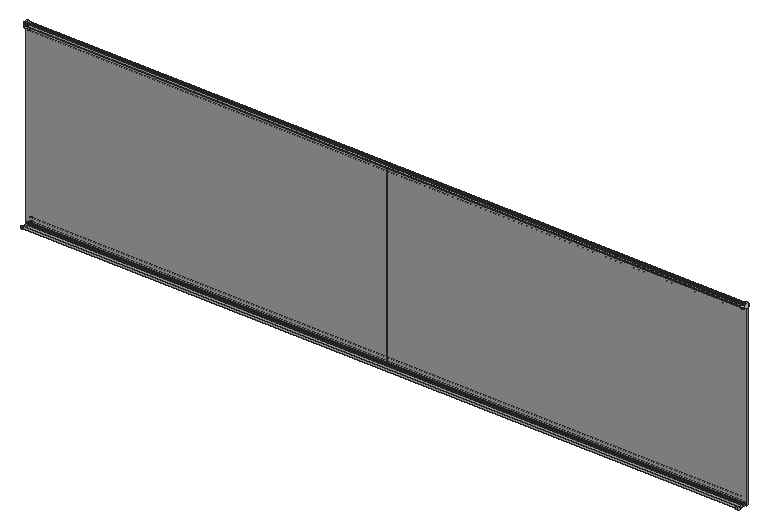
Revit family "Liso Glass Wall 4x16", category Generic Models, Revit 2018
Family settings
  Can host rebar = No
  Round Connector Dimension = Use Diameter
  Part Type = Normal
  Work Plane-Based = No
  Always vertical = Yes
  Cut with Voids When Loaded = No
  Shared = No
  Room Calculation Point = No
Parameters
  Panel #2 = Liso Glass Wall 4x16 Panel #2
  Panel #1 = Liso Glass Wall 4x16 Panel #1
Reference planes (in)
  plane 1 "Center (Front/Back)": y = 0
  plane 2: z = 0
  plane 3 "Center (Left/Right)": x = 0
Forms (in)
  Extrusion 1, solid, material "Liso Glass Wall Trim Metal"
    sketch origin (-71.06205, 0, 18) x (0, 1, 0) y (0, 0, 1)
      loop
        line (-0.28802, 12.71551) -> (-0.28802, 12.22363) -> (-0.48802, 12.22363) -> (-0.48802, 12.77363) -> (-0.60087, 12.77363)
        arc (-0.60087, 12.77363) -> (-0.62209, 12.76485) -> (-0.63087, 12.74363) r 0.03
        line (-0.63087, 12.74363) -> (-0.63087, 12.45418)
        arc (-0.63087, 12.45418) -> (-0.67788, 12.32564) -> (-0.79672, 12.25776) r 0.19924
        arc (-0.79672, 12.25776) -> (-0.86084, 12.24904) -> (-0.92548, 12.24613) r 0.7187
        line (-0.92548, 12.24613) -> (-1.97548, 12.24613)
        arc (-1.97548, 12.24613) -> (-2.26159, 12.30205) -> (-2.50559, 12.4616) r 0.75985
        arc (-2.50559, 12.4616) -> (-2.80704, 12.55283) -> (-2.79142, 12.23827) r 0.19261
        arc (-2.79142, 12.23827) -> (-2.48945, 12.06146) -> (-2.14496, 12) r 0.99607
        line (-2.14496, 12) -> (0, 12) -> (0, 12.30193)
        arc (0, 12.30193) -> (-0.0275, 12.32943) -> (-0.055, 12.30193) r 0.0275
        line (-0.055, 12.30193) -> (-0.055, 12.20843) -> (-0.20802, 12.20843) -> (-0.20802, 12.69439) -> (-0.0848, 12.81762)
        arc (-0.0848, 12.81762) -> (-0.06815, 12.82253) -> (-0.055, 12.81121) r 0.01814
        line (-0.055, 12.81121) -> (-0.055, 12.65693)
        arc (-0.055, 12.65693) -> (-0.0275, 12.62943) -> (0, 12.65693) r 0.0275
        line (0, 12.65693) -> (0, 13.70847)
        arc (0, 13.70847) -> (-0.03996, 13.74843) -> (-0.07993, 13.70847) r 0.03996
        line (-0.07993, 13.70847) -> (-0.07993, 13.62094)
        arc (-0.07993, 13.62094) -> (-0.07047, 13.60109) -> (-0.05, 13.59302) r 0.03
        line (-0.05, 13.59302) -> (-0.05, 13.15338)
        arc (-0.05, 13.15338) -> (-0.07121, 13.14459) -> (-0.08, 13.12338) r 0.03
        line (-0.08, 13.12338) -> (-0.08, 12.92353) -> (-0.28802, 12.71551)
    from -23.31295 to 165.43705
  Extrusion 2, solid, material "Liso Glass Wall Trim Metal"
    sketch origin (-71.06205, 0, -5.35978) x (0, 1, 0) y (0, 0, 1)
      loop
        line (0, 83.04907) -> (-0.645, 83.04907)
        arc (-0.645, 83.04907) -> (-0.70089, 83.02419) -> (-0.7198, 82.966) r 0.07521
        arc (-0.7198, 82.966) -> (-0.66833, 82.72387) -> (-0.56764, 82.49772) r 1.18412
        arc (-0.56764, 82.49772) -> (-0.44963, 82.3733) -> (-0.28802, 82.31595) r 0.36764
        arc (-0.28802, 82.31595) -> (-0.27338, 82.27072) -> (-0.23409, 82.24395) r 0.0734
        line (-0.23409, 82.24395) -> (-0.1, 82.20802) -> (-0.1, 81.00078)
        arc (-0.1, 81.00078) -> (-0.05, 80.95078) -> (0, 81.00078) r 0.05
        line (0, 81.00078) -> (0, 83.04907)
    from -23.81795 to 165.94205
  Extrusion 3, solid, material "Liso Glass Wall 4x16 Panel #1" <- "Panel #1"
    sketch origin (-71.06205, 0, -5.35978) x (0, 1, 0) y (0, 0, 1)
      loop
        line (-0.48802, 35.58341) -> (-0.28802, 35.58341) -> (-0.28802, 83.08978) -> (-0.48802, 83.08978) -> (-0.48802, 35.58341)
    from -23.81795 to 71.06205
  Extrusion 4, solid, material "Liso Glass Wall Trim Metal"
    sketch origin (-35.865, -0.12998, -0.08918) x (0, 1, 0) y (0, 0, 1)
      loop
        line (-0.045, 77.82375) -> (-0.90502, 77.82375) -> (-0.90502, 77.91496)
        arc (-0.90502, 77.91496) -> (-0.93002, 77.93996) -> (-0.95502, 77.91496) r 0.025
        line (-0.95502, 77.91496) -> (-0.95502, 77.73113)
        arc (-0.95502, 77.73113) -> (-0.93502, 77.71113) -> (-0.91502, 77.73113) r 0.02
        line (-0.91502, 77.73113) -> (-0.91502, 77.77875) -> (-0.645, 77.77875) -> (-0.645, 77.14376) -> (-0.91502, 77.14376) -> (-0.91502, 77.19114)
        arc (-0.91502, 77.19114) -> (-0.93502, 77.21114) -> (-0.95502, 77.19114) r 0.02
        line (-0.95502, 77.19114) -> (-0.95502, 77.00732)
        arc (-0.95502, 77.00732) -> (-0.93002, 76.98232) -> (-0.90502, 77.00732) r 0.025
        line (-0.90502, 77.00732) -> (-0.90502, 77.09876) -> (-0.6, 77.09876) -> (-0.6, 77.77875) -> (-0.09, 77.77875) -> (-0.09, 77.25375)
        arc (-0.09, 77.25375) -> (-0.0675, 77.23875) -> (-0.045, 77.25375) r 0.02437
        line (-0.045, 77.25375) -> (-0.045, 77.82375)
    from -59.015 to 130.745
  Extrusion 5, solid, material "Liso Glass Wall Map Rail"
    sketch origin (-35.865, -0.12998, -0.08918) x (0, 1, 0) y (0, 0, 1)
      loop
        line (-0.91502, 77.77875) -> (-0.91502, 77.14376) -> (-0.66502, 77.14376) -> (-0.66502, 77.77875) -> (-0.91502, 77.77875)
    from -59.015 to 130.745
  Extrusion 6, solid, material "Liso Glass Wall Trim Black"
    sketch origin (-48.18473, 0, 18) x (0, 1, 0) y (0, 0, -1)
      loop
        line (-0.48802, -12.80488) -> (-0.48802, -11.96875) -> (-2.14496, -11.96875)
        arc (-2.14496, -11.96875) -> (-2.49924, -12.03177) -> (-2.81005, -12.2131) r 1.02732
        arc (-2.81005, -12.2131) -> (-2.82851, -12.57569) -> (-2.47857, -12.47895) r 0.22386
        arc (-2.47857, -12.47895) -> (-2.24646, -12.32965) -> (-1.97548, -12.27738) r 0.7286
        line (-1.97548, -12.27738) -> (-0.92548, -12.27738)
        arc (-0.92548, -12.27738) -> (-0.86355, -12.28017) -> (-0.80213, -12.28853) r 0.68745
        arc (-0.80213, -12.28853) -> (-0.70181, -12.34573) -> (-0.66212, -12.45418) r 0.16799
        line (-0.66212, -12.45418) -> (-0.66212, -12.74363)
        arc (-0.66212, -12.74363) -> (-0.64418, -12.78694) -> (-0.60087, -12.80488) r 0.06125
        line (-0.60087, -12.80488) -> (-0.48802, -12.80488)
    from 45.75863 to 46.29027
  Extrusion 7, solid, material "Liso Glass Wall 4x16 Panel #2" <- "Panel #2"
    sketch origin (71.06205, 0, -5.35978) x (0, 1, 0) y (0, 0, -1)
      loop
        line (-0.48802, -35.58341) -> (-0.48802, -83.08978) -> (-0.28802, -83.08978) -> (-0.28802, -35.58341) -> (-0.48802, -35.58341)
    from -23.81795 to 71.06205
  Extrusion 8, solid, material "Liso Glass Wall Trim Black"
    sketch origin (48.18473, 0, 18) x (0, 1, 0) y (0, 0, 1)
      loop
        line (-0.48802, 12.80488) -> (-0.60087, 12.80488)
        arc (-0.60087, 12.80488) -> (-0.64418, 12.78694) -> (-0.66212, 12.74363) r 0.06125
        line (-0.66212, 12.74363) -> (-0.66212, 12.45418)
        arc (-0.66212, 12.45418) -> (-0.70181, 12.34573) -> (-0.80213, 12.28853) r 0.16799
        arc (-0.80213, 12.28853) -> (-0.86355, 12.28017) -> (-0.92548, 12.27738) r 0.68745
        line (-0.92548, 12.27738) -> (-1.97548, 12.27738)
        arc (-1.97548, 12.27738) -> (-2.24646, 12.32965) -> (-2.47857, 12.47895) r 0.7286
        arc (-2.47857, 12.47895) -> (-2.82851, 12.57569) -> (-2.81005, 12.2131) r 0.22386
        arc (-2.81005, 12.2131) -> (-2.49924, 12.03177) -> (-2.14496, 11.96875) r 1.02732
        line (-2.14496, 11.96875) -> (-0.48802, 11.96875) -> (-0.48802, 12.80488)
    from 45.75863 to 46.29027
Dimensions and locks (in)
  aligned and locked: plane 2 to level
Nested families (in)
  nested 1: "Porcelain Steel Top Corner" at (-46.93, -0.13998, 23.59789) x (-1, 0, 0) z (0, 0, 1), type "Porcelain Steel Top Corner"
  nested 2: "Porcelain Steel Top Corner" at (46.93, -0.13998, 23.59789), type "Porcelain Steel Top Corner"
Definition of nested family "Porcelain Steel Top Corner"
  Parameters (values of type "Porcelain Steel Top Corner")
    Width = 8' - 0"
  Reference planes (in)
    plane 1 "Center (Front/Back)": y = 0
    plane 2: z = 0
    plane 3 "Center (Left/Right)": x = 0
  Forms (in)
    Extrusion 1, solid
      sketch origin (0, 0, 0) x (0, 1, 0) y (0, 0, 1)
        loop
          line (-1.00502, 54.2214) -> (-1.00502, 53.31353)
          arc (-1.00502, 53.31353) -> (-0.98012, 53.25343) -> (-0.92002, 53.22853) r 0.085
          line (-0.92002, 53.22853) -> (-0.92002, 54.3064)
          arc (-0.92002, 54.3064) -> (-0.98012, 54.28151) -> (-1.00502, 54.2214) r 0.085
      from 47.01 to 47.95
    Extrusion 2, solid
      sketch origin (0, 0, 0) x (0, 1, 0) y (0, 0, 1)
        loop
          line (0.01687, 54.3064) -> (-0.92502, 54.3064)
          arc (-0.92502, 54.3064) -> (-0.94623, 54.29762) -> (-0.95502, 54.2764) r 0.03
          line (-0.95502, 54.2764) -> (-0.95502, 53.25853)
          arc (-0.95502, 53.25853) -> (-0.94623, 53.23732) -> (-0.92502, 53.22853) r 0.03
          line (-0.92502, 53.22853) -> (0.01687, 53.22853)
          arc (0.01687, 53.22853) -> (0.03809, 53.23732) -> (0.04687, 53.25853) r 0.03
          line (0.04687, 53.25853) -> (0.04687, 54.2764)
          arc (0.04687, 54.2764) -> (0.03809, 54.29762) -> (0.01687, 54.3064) r 0.03
      from 47.01 to 48
    Extrusion 3, solid
      sketch origin (0, 0, 0) x (1, 0, 0) y (0, 1, 0)
        loop
          line (48, -0.95502) -> (47.95, -0.95502) -> (47.95, -1.00502)
          arc (47.95, -1.00502) -> (47.98536, -0.99037) -> (48, -0.95502) r 0.05
      from 53.31353 to 54.2214
  Dimensions and locks (in)
    aligned and locked: plane 2 to level
